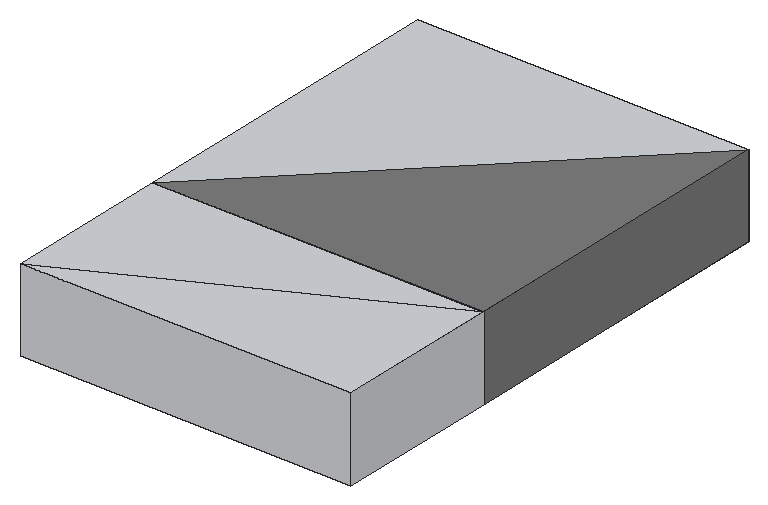
Revit family "電線管用ファミリ(片側のみ)_18", category Electrical Fixtures, Revit 2021
Family settings
  Maintain Annotation Orientation = No
  Round Connector Dimension = Use Diameter
  Part Type = Normal
  OmniClass Number = 23.80.00.00
  OmniClass Title = Electric Power and Lighting
  Work Plane-Based = No
  Always vertical = Yes
  Cut with Voids When Loaded = No
  Shared = No
  Room Calculation Point = No
Parameters
  コネクタ直径 [instance] = 16 mm
  W [instance] = 200 mm
  Default Elevation = 0 mm
  D [instance] = 300 mm
Reference planes
  plane 1 "Center (Front/Back)": y = 0
  plane 2: z = 0
  plane 3 "Center (Left/Right)": x = 0
  plane 4: x = -100
  plane 5: x = 100
  plane 6: y = 200
  plane 7: y = -100
  plane 8: z = 50
Forms (mm)
  Extrusion 1, solid
    sketch origin (0, 0, 0) x (1, 0, 0) y (0, 1, 0)
      loop
        line (-100, 200) -> (-100, -100) -> (100, -100) -> (100, 200) -> (-100, 200)
    from 0 to 50
  Extrusion 2, solid
    sketch origin (0, 0, 0) x (1, 0, 0) y (0, 1, 0)
      loop
        line (100, 0) -> (-100, -100) -> (100, -100) -> (100, 0)
    from 0 to 50
  Extrusion 3, solid, material "Default Solid Fill"
    sketch origin (0, 0, 0) x (1, 0, 0) y (0, 1, 0)
      loop
        line (100, 200) -> (-100, 0) -> (100, 0) -> (100, 200)
    from 0 to 50
Dimensions and locks
  equal spacing: plane 4, plane 3 "Center (Left/Right)", plane 5
  "W": plane 4 to plane 5
  plane 6 to plane 1 "Center (Front/Back)" to plane 7 = 200 mm, 100 mm
  "D": plane 6 to plane 7
  aligned and locked: level to plane 2
  aligned and locked: plane 8 to Extrusion 1
Automatic sketch dimensions
  Extrusion 1 sketch curve to plane 4 = 0 mm
  Extrusion 1 sketch curve to plane 5 = 0 mm
  Extrusion 1 sketch curve to plane 7 = 0 mm
  Extrusion 1 sketch curve to plane 6 = 0 mm
  Extrusion 2 sketch curve to plane 4 = 0 mm
  plane 1 "Center (Front/Back)" to Extrusion 2 sketch curve = 0 mm
  Extrusion 2 sketch curve to plane 5 = 0 mm
  Extrusion 2 sketch curve to plane 7 = 0 mm
  Extrusion 3 sketch curve to plane 4 = 0 mm
  Extrusion 3 sketch curve to plane 5 = 0 mm
  plane 1 "Center (Front/Back)" to Extrusion 3 sketch curve = 0 mm
  Extrusion 3 sketch curve to plane 6 = 0 mm
Connectors
  cabletrayconduit at (0, 50, 50), diameter 16
    settings: on Extrusion 1, index 1, connector width 300 mm, connector height 300 mm, connector angle 0.00°, system type 32, placement type 0, profile type 0, connector reference index -1, is primary connector yes, connector utility param no, connector description ""
